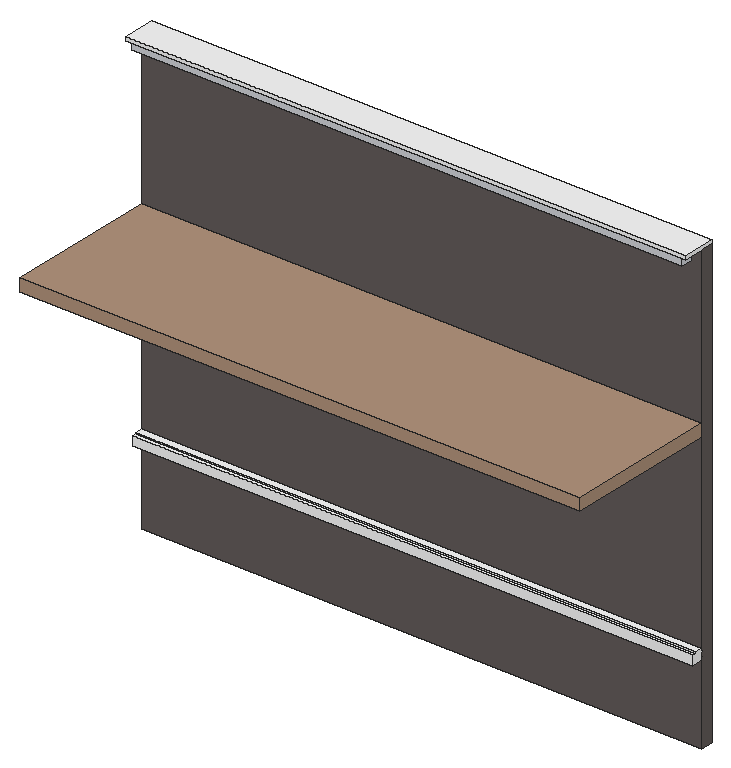
Revit family "Storage-Mounted-Teknion-B_WPL-Wall_Panel_with_Open_Shelves-R2018", category Furniture, Revit 2018
Family settings
  OmniClass Number = 23.40.70.14.64.21
  OmniClass Title = Systems Furniture
  Work Plane-Based = No
  Always vertical = Yes
  Cut with Voids When Loaded = No
  Shared = Yes
  Room Calculation Point = No
Parameters (values of type "On High Secondary Desk")
  Width [instance] = 48.000"
  Warranty = "http://www.teknion.com/ca/papers/legal-canada"
  Unit Weight URL = "http://www.teknion.com/pricing/expansion-casegoods/pdfs/wv.pdf"
  URL = "http://www.teknion.com/"
  Top and Accessory Rail Finish [instance] = Mica - Teknion - V - Satin - Very White
  Top Shelf Visibility [instance] = or(Has Top Shelf Only, Has Top Shelf & Accessory Rail, Has Two Shelves)  # yes
  Top Shelf Offset [instance] = if([Bottom of Cubic Overhead Cabinet mounted at 72"], 16.966", if([Bottom of Cubic Overhead Cabinet mounted at 66"], 14.882", 13.551"))  # 13.551"
  Tackboard Upholstery Finish [instance] = Fabric - Teknion - S613 - Saturate - Dune
  Tackboard Bottom Starting Offset [instance] = if(and(High Secondary Desk Mounting Style, not(Has Top Shelf & Accessory Rail)), 26.972", if(and([1" Thick Standard Worksurface Mounting Style], not(Has Top Shelf & Accessory Rail)), 28.823", if(and([1-3/16" Thick Standard Worksurface Mounting Style], not(Has Top Shelf & Accessory Rail)), 28.996", if(and([1-9/16" Thick Standard Worksurface Mounting Style], not(Has Top Shelf & Accessory Rail)), 29.362", if(and([Mid-Height Mounting Style], not(Has Top Shelf & Accessory Rail)), 21.000", 34.620")))))  # 34.620"
  Sustainability Data = "http://www.teknion.com/about-teknion/environment/datasheets.asp"
  Shelf Finish [instance] = Source Laminate - Teknion - 3M - Provincial Oak (Cross Grain)
  Series = "Expansion Casegoods"  # constant formula
  Product Page URL = "http://www.teknion.com/ca/products/product-details?productlineid=0053336e-8e7a-673b-a6c8-ff00004460c4"
  Product Line = "Expansion Casegoods"  # constant formula
  Product Documentation Link #7 = "http://www.teknion.com/pricing/Expansion-Casegoods/pdfs/BBAS_ppg.pdf"
  Product Documentation Link #6 = "http://www.teknion.com/pricing/Expansion-Casegoods/pdfs/BLED_ppg.pdf"
  Product Documentation Link #5 = "http://www.teknion.com/pricing/Expansion-Casegoods/pdfs/BBWAM_ppg.pdf"
  Product Documentation Link #4 = "http://www.teknion.com/pricing/Expansion-Casegoods/pdfs/BBWAE_ppg.pdf"
  Product Documentation Link #3 = "http://www.teknion.com/pricing/Expansion-Casegoods/pdfs/BBWAP_ppg.pdf"
  Product Documentation Link #2 = "http://www.teknion.com/pricing/Expansion-Casegoods/pdfs/BBWAT_ppg.pdf"
  Product Documentation Link = "http://www.teknion.com/pricing/Expansion-Casegoods/pdfs/B_WPL_ppg.pdf"
  Power/Data Visibility [instance] = if(and(not(Low Secondary Desk Mounting Style), not(Has Top Shelf & Accessory Rail), or(Has Glass Markerboard, Has Porcelain Markerboard, Has Fabric Tackboard, Has Felt Tackboard)), 1 > 2, not(No Power and Data))  # no
  Power/Data Plan View Offset [instance] = if(or([Power and Data Under Worksurface - Left], [Power and Data Over Worksurface - Left]), 15.000", if(or([Power and Data Under Worksurface - Right], [Power and Data Over Worksurface - Right]), Actual Width - 15.000", Actual Width / 2))  # 23.880"
  Power Data Height Offset [instance] = if(High Secondary Desk Mounting Style, 3.648", if([1" Thick Standard Worksurface Mounting Style], 1.797", if([1-3/16" Thick Standard Worksurface Mounting Style], 1.624", if([1-9/16" Thick Standard Worksurface Mounting Style], 1.258", if(and(Low Secondary Desk Mounting Style, or([Power and Data Over Worksurface - Center], [Power and Data Over Worksurface - Left], [Power and Data Over Worksurface - Right])), 13.195", 3.480")))))  # 3.648"
  Porcelain/Glass Markerboard Visibility [instance] = or(Has Glass Markerboard, Has Porcelain Markerboard)  # no
  Part Number = "B_WPL"  # constant formula
  Panel Finish [instance] = Veneer - Teknion - VB - Flintwood - Black Walnut
  No Power and Data [instance] = not(or([Power and Data Over Worksurface - Center], [Power and Data Over Worksurface - Left], [Power and Data Over Worksurface - Right], [Power and Data Under Worksurface - Center], [Power and Data Under Worksurface - Left], [Power and Data Under Worksurface - Right]))  # yes
  Power and Data Under Worksurface - Right [instance] = no
  Power and Data Under Worksurface - Left [instance] = no
  Power and Data Under Worksurface - Center [instance] = no
  Linear LED Light Width Type [instance] = Lighting-Teknion-BLED_Linear_LED_Light-R2018 : 48" Width
  Light Shelf Note [instance] = "Light Shelf can only be specified if the Has Top Shelf & Accessory Rail option is selected above."  # constant formula
  Light Shelf Finish = Mica - Teknion - V - Satin - Very White
  Has Two Shelves [instance] = no
  Has Top Shelf Only [instance] = no
  Has Porcelain Markerboard [instance] = no
  Has No Accessory Board [instance] = not(or(Has Glass Markerboard, Has Porcelain Markerboard, Has Fabric Tackboard, Has Felt Tackboard))  # yes
  Has Linear LED Light [instance] = yes
  Has Light Shelf [instance] = no
  Has Felt Tackboard [instance] = no
  Fabric/Felt Tackboard Visibility [instance] = or(Has Fabric Tackboard, Has Felt Tackboard)  # no
  Configurations Note [instance] = "Please choose one of the three following options below."  # constant formula
  Bottom Shelf Offset [instance] = if(or([Bottom of Standard Overhead Cabinet mounted at 72"], [Bottom of Cubic Overhead Cabinet mounted at 72"]), 30.469", 28.374")  # 28.374"
  Available Widths [instance] = if(or([1" Thick Standard Worksurface Mounting Style], [1-3/16" Thick Standard Worksurface Mounting Style], [1-9/16" Thick Standard Worksurface Mounting Style], Low Secondary Desk Mounting Style), "24, 30, 36, 42, 48, 54, 60, 66, 72, 78, or 84 inches.", "24, 30, 36, 42, 48, 54, 60, 66, 72, 78, 84, or 90 inches.")  # "24, 30, 36, 42, 48, 54, 60, 66, 72, 78, 84, or 90 inches."
  Model = "BHWPL_____"
  Mid-Height Mounting Style = no
  Manufacturer Phone = "416-661-3370"  # constant formula
  Manufacturer Fax = "416.661.4586"  # constant formula
  Manufacturer Contact Information = "http://www.teknion.com/ca/contactus"
  Manufacturer Address = "1150 Flint Road, Toronto, ON. M3J 2J5. Canada"
  Manufacturer = "Teknion"  # constant formula
  Low Secondary Desk Mounting Style = no
  High Secondary Desk Mounting Style = yes
  Has Fabric Tackboard [instance] = no
  Bottom of Standard Overhead Cabinet mounted at 72" [instance] = no
  Bottom of Standard Overhead Cabinet mounted at 66" [instance] = yes
  Power and Data Over Worksurface - Right [instance] = no
  Power and Data Over Worksurface - Left [instance] = no
  Power and Data Over Worksurface - Center [instance] = no
  Has Glass Markerboard [instance] = no
  Bottom of Cubic Overhead Cabinet mounted at 72" [instance] = no
  Bottom of Cubic Overhead Cabinet mounted at 66" [instance] = no
  Has Top Shelf & Accessory Rail [instance] = not(or(Has Top Shelf Only, Has Two Shelves))  # yes
  Glass Markerboard Finish [instance] = Back-painted Glass - K7 - Teknion - Very White
  Description = "Wall Panel with Open Shelves, High Secondary Desk"
  Datum Height Note [instance] = if(or([Mid-Height Mounting Style], High Secondary Desk Mounting Style, Low Secondary Desk Mounting Style), "Please choose one of the following optons below.", "Please choose Bottom of Standard Overhead Cabinet mounted at 66 inches or Bottom of Standard Overhead Cabinet mounted at 72 inches.")  # "Please choose one of the following optons below."
  Bottom of Wall Panel Height = if(High Secondary Desk Mounting Style, 26.972", if(Low Secondary Desk Mounting Style, 17.425", if([1" Thick Standard Worksurface Mounting Style], 28.823", if([1-3/16" Thick Standard Worksurface Mounting Style], 28.996", if([1-9/16" Thick Standard Worksurface Mounting Style], 29.362", 21.000")))))  # 26.972"
  Available Electrical Options [instance] = if(or([Mid-Height Mounting Style], Width = 24.000", Width = 30.000"), "Choose No Power and Data.", if(or(Width = 36.000", Width = 42.000"), "Choose between No Power and Data, Power and Data Under Worksurface - Center, or Power and Data Over Worksurface - Center", if(and(Low Secondary Desk Mounting Style, not(or(Width = 24.000", Width = 30.000", Width = 36.000", Width = 42.000"))), "Choose one of the following options below.", "Choose between Power and Data Over Worksurface - Center, Power and Data Over Worksurface - Left, Power and Data Over Worksurface - Right, or No Power and Data.")))  # "Choose between Power and Data Over Worksurface - Center, Power and Data Over Worksurface - Left, Power and Data Over Worksurface - Right, or No Power and Data."
  Assembly Code = "E2020200"
  Actual Width [instance] = if(Width = 24.000", 23.880", if(Width = 30.000", 29.850", if(Width = 36.000", 35.820", if(Width = 42.000", 41.790", if(Width = 48.000", 47.760", if(Width = 54.000", 53.730", if(Width = 60.000", 59.700", if(Width = 66.000", 65.670", if(Width = 72.000", 71.640", if(Width = 78.000", 77.610", 83.580"))))))))))  # 47.760"
  Actual Height [instance] = if(or([Bottom of Standard Overhead Cabinet mounted at 66"], [Bottom of Cubic Overhead Cabinet mounted at 66"]), 65.374", 71.626")  # 65.374"
  Accessories Note [instance] = if(Has Two Shelves, "Choose Has No Accessory Board.", if(and(or([Power and Data Over Worksurface - Center], [Power and Data Over Worksurface - Left], [Power and Data Over Worksurface - Right], [Power and Data Under Worksurface - Center], [Power and Data Under Worksurface - Left], [Power and Data Under Worksurface - Right]), not(Has Top Shelf & Accessory Rail)), "Choose Has No Accessory Board.", "Choose one of the following options below.."))  # "Choose one of the following options below.."
  1-9/16" Thick Standard Worksurface Mounting Style = no
  1-3/16" Thick Standard Worksurface Mounting Style = no
  1" Thick Standard Worksurface Mounting Style = no
Types (6): name | Power Data Height Offset | Available Widths | Model | Mid-Height Mounting Style | Low Secondary Desk Mounting Style | High Secondary Desk Mounting Style | Description | Datum Height Note | Bottom of Wall Panel Height | Available Electrical Options | 1-9/16" Thick Standard Worksurface Mounting Style | 1-3/16" Thick Standard Worksurface Mounting Style | 1" Thick Standard Worksurface Mounting Style
  On High Secondary Desk | 3.648" | "24, 30, 36, 42, 48, 54, 60, 66, 72, 78, 84, or 90 inches." | "BHWPL_____" | no | no | yes | "Wall Panel with Open Shelves, High Secondary Desk" | "Please choose one of the following optons below." | 26.972" | "Choose between Power and Data Over Worksurface - Center, Power and Data Over Worksurface - Left, Power and Data Over Worksurface - Right, or No Power and Data." | no | no | no
  On Low Secondary Desk | 3.480" | "24, 30, 36, 42, 48, 54, 60, 66, 72, 78, or 84 inches." | "BLWPL_____" | no | yes | no | "Wall Panel with Open Shelves, Low Secondary Desk" | "Please choose one of the following optons below." | 17.425" | "Choose one of the following options below." | no | no | no
  On 1" Thick Standard Worksurface | 1.797" | "24, 30, 36, 42, 48, 54, 60, 66, 72, 78, or 84 inches." | "BDWPL_____" | no | no | no | "Wall Panel with Open Shelves, On 1\" Thick Standard Worksurface" | "Please choose Bottom of Standard Overhead Cabinet mounted at 66 inches or Bottom of Standard Overhead Cabinet mounted at 72 inches." | 28.823" | "Choose between Power and Data Over Worksurface - Center, Power and Data Over Worksurface - Left, Power and Data Over Worksurface - Right, or No Power and Data." | no | no | yes
  On 1-3/16" Thick Standard Worksurface | 1.624" | "24, 30, 36, 42, 48, 54, 60, 66, 72, 78, or 84 inches." | "BMWPL_____" | no | no | no | "Wall Panel with Open Shelves, On 1-3/16\" Thick Standard Worksurface" | "Please choose Bottom of Standard Overhead Cabinet mounted at 66 inches or Bottom of Standard Overhead Cabinet mounted at 72 inches." | 28.996" | "Choose between Power and Data Over Worksurface - Center, Power and Data Over Worksurface - Left, Power and Data Over Worksurface - Right, or No Power and Data." | no | yes | no
  On 1-9/16" Thick Standard Worksurface | 1.258" | "24, 30, 36, 42, 48, 54, 60, 66, 72, 78, or 84 inches." | "BXWPL_____" | no | no | no | "Wall Panel with Open Shelves, On 1-9/16\" Thick Standard Worksurface" | "Please choose Bottom of Standard Overhead Cabinet mounted at 66 inches or Bottom of Standard Overhead Cabinet mounted at 72 inches." | 29.362" | "Choose between Power and Data Over Worksurface - Center, Power and Data Over Worksurface - Left, Power and Data Over Worksurface - Right, or No Power and Data." | yes | no | no
  Mid-Height Mounting Style | 3.480" | "24, 30, 36, 42, 48, 54, 60, 66, 72, 78, 84, or 90 inches." | "BKWPL_____" | yes | no | no | "Wall Panel with Open Shelves, Mid-Height Mounting Style" | "Please choose one of the following optons below." | 21.000" | "Choose No Power and Data." | no | no | no
Reference planes (in)
  plane 1 "Center F/B": y = 0
  plane 2 "Bottom of Panel": z = 26.972
  plane 3 "Center L/R": x = 0
  plane 4 "Left": x = -23.88
  plane 5 "Right": x = 23.88
  plane 6 "Back": y = 0.5
  plane 7 "Front": y = -0.5
  plane 8 "Top": z = 65.374
  plane 9: z = 0
  plane 10 "Accessory Rail Ref Plane": z = 34.38
  plane 11: y = -0.98071
  plane 12 "Power/Data Offset": x = 0
  plane 13 "Power/Data Height Offset": z = 30.62
  plane 14 "Top Shelf Plane": z = 51.823
  plane 15 "Bottom Shelf Plane": z = 37
Forms (in)
  Sweep 1, solid, material "Veneer - Teknion - VB - Flintwood - Black Walnut" <- "Panel Finish"
    path origin (0, 0, 0) x (1, 0, 0) y (0, 1, 0)
      loop
        line (-23.88, 0) -> (23.88, 0)
    profile origin (0, 0, 0) x (0, 1, 0) y (0, 0, 1)
      loop
        line (0.5, 65.05904) -> (-0.5, 65.05904) -> (-0.5, 26.972) -> (0.5, 26.972) -> (0.5, 65.05904)
  Sweep 2, solid, material "Mica - Teknion - V - Satin - Very White" <- "Top and Accessory Rail Finish"
    path origin (0, 0, 0) x (1, 0, 0) y (0, 1, 0)
      loop
        line (-23.88, 0) -> (23.88, 0)
    profile origin (0, 0, 0) x (0, 1, 0) y (0, 0, 1)
      loop
        line (0.5, 65.374) -> (-2.2874, 65.374) -> (-2.2874, 65.05904) -> (0.5, 65.05904) -> (0.5, 65.374)
  Sweep 3, solid, material "Mica - Teknion - V - Satin - Very White" <- "Top and Accessory Rail Finish", visible <- "Has Top Shelf & Accessory Rail"
    path origin (0, 0, -37.58062) x (1, 0, 0) y (0, 1, 0)
      loop
        line (-23.88, 0) -> (23.88, 0)
    profile origin (0, 0, -37.58062) x (0, 1, 0) y (0, 0, 1)
      loop
        line (-0.5, 72.19685) -> (-1.18504, 72.19685) -> (-1.18504, 72.09842) -> (-1.46063, 72.09842) -> (-1.46063, 71.2874) -> (-0.5, 71.2874) -> (-0.5, 72.19685)
  Sweep 4, solid, material "Mica - Teknion - V - Satin - Very White", visible <- "Power/Data Visibility"
    path origin (0, 0, -27.56363) x (1, 0, 0) y (0, 1, 0)
      loop
        line (-7.48031, 0) -> (7.48031, 0)
    profile origin (0, 0, -27.56363) x (0, 1, 0) y (0, 0, 1)
      loop
        line (-0.7126, 60.8608) -> (-0.7126, 58.18363) -> (-0.5, 58.18363) -> (-0.5, 60.8608) -> (-0.7126, 60.8608)
  Sweep 5, solid, material "Fabric - Teknion - S613 - Saturate - Dune" <- "Tackboard Upholstery Finish", visible <- "Fabric/Felt Tackboard Visibility"
    path origin (0, 0, -16.37402) x (1, 0, 0) y (0, 1, 0)
      loop
        line (-23.88, 0) -> (23.88, 0)
    profile origin (0, 0, -16.37402) x (0, 1, 0) y (0, 0, 1)
      loop
        line (-1.18504, 50.99402) -> (-0.5, 50.99402) -> (-0.5, 67.18107) -> (-1.18504, 67.18107) -> (-1.18504, 50.99402)
  Extrusion 6, solid, material "Plastic - Teknion - E - Ebony", visible <- "Power/Data Visibility"
    sketch origin (0, -0.5, -0.18961) x (1, 0, 0) y (0, 0, 1)
      loop
        line (-3.62205, 32.93944) -> (-6.92913, 32.93944) -> (-6.92913, 31.36464) -> (-3.62205, 31.36464) -> (-3.62205, 32.93944)
    from 0.2126 to 0.64961
  Extrusion 7, solid, material "Plastic - Teknion - E - Ebony", visible <- "Power/Data Visibility"
    sketch origin (10.5, -0.5, -0.18961) x (1, 0, 0) y (0, 0, 1)
      loop
        line (-4.88976, 32.67969) -> (-4.88976, 31.6167) -> (-3.82677, 31.6167) -> (-3.82677, 32.67969) -> (-4.88976, 32.67969)
      loop
        line (-3.95276, 32.3982) -> (-3.95276, 32.49269) -> (-4.26772, 32.49269) -> (-4.26772, 32.3982) -> (-3.95276, 32.3982)
      loop
        arc (-4.54331, 32.05371) -> (-4.44882, 32.1482) -> (-4.54331, 32.24269) r 0.09449
        line (-4.54331, 32.24269) -> (-4.70079, 32.24269) -> (-4.70079, 32.05371) -> (-4.54331, 32.05371)
      loop
        line (-4.26772, 31.8982) -> (-4.26772, 31.80371) -> (-3.95276, 31.80371) -> (-3.95276, 31.8982) -> (-4.26772, 31.8982)
    from 0.2126 to 0.29291
  Extrusion 8, solid, material "Plastic - Teknion - E - Ebony", visible <- "Power/Data Visibility"
    sketch origin (9.24016, -0.5, -0.18961) x (1, 0, 0) y (0, 0, 1)
      loop
        line (-4.88976, 32.67969) -> (-4.88976, 31.6167) -> (-3.82677, 31.6167) -> (-3.82677, 32.67969) -> (-4.88976, 32.67969)
      loop
        line (-3.95276, 32.3982) -> (-3.95276, 32.49269) -> (-4.26772, 32.49269) -> (-4.26772, 32.3982) -> (-3.95276, 32.3982)
      loop
        arc (-4.54331, 32.05371) -> (-4.44882, 32.1482) -> (-4.54331, 32.24269) r 0.09449
        line (-4.54331, 32.24269) -> (-4.70079, 32.24269) -> (-4.70079, 32.05371) -> (-4.54331, 32.05371)
      loop
        line (-4.26772, 31.8982) -> (-4.26772, 31.80371) -> (-3.95276, 31.80371) -> (-3.95276, 31.8982) -> (-4.26772, 31.8982)
    from 0.2126 to 0.29291
  Extrusion 9, solid, material "Plastic - Teknion - E - Ebony", visible <- "Power/Data Visibility"
    sketch origin (7.98031, -0.5, -0.18961) x (1, 0, 0) y (0, 0, 1)
      loop
        line (-4.88976, 32.67969) -> (-4.88976, 31.6167) -> (-3.82677, 31.6167) -> (-3.82677, 32.67969) -> (-4.88976, 32.67969)
      loop
        line (-3.95276, 32.3982) -> (-3.95276, 32.49269) -> (-4.26772, 32.49269) -> (-4.26772, 32.3982) -> (-3.95276, 32.3982)
      loop
        arc (-4.54331, 32.05371) -> (-4.44882, 32.1482) -> (-4.54331, 32.24269) r 0.09449
        line (-4.54331, 32.24269) -> (-4.70079, 32.24269) -> (-4.70079, 32.05371) -> (-4.54331, 32.05371)
      loop
        line (-4.26772, 31.8982) -> (-4.26772, 31.80371) -> (-3.95276, 31.80371) -> (-3.95276, 31.8982) -> (-4.26772, 31.8982)
    from 0.2126 to 0.29291
  Extrusion 10, solid, material "Plastic - Teknion - E - Ebony", visible <- "Power/Data Visibility"
    sketch origin (6.72047, -0.5, -0.18961) x (1, 0, 0) y (0, 0, 1)
      loop
        line (-4.88976, 32.67969) -> (-4.88976, 31.6167) -> (-3.82677, 31.6167) -> (-3.82677, 32.67969) -> (-4.88976, 32.67969)
      loop
        line (-3.95276, 32.3982) -> (-3.95276, 32.49269) -> (-4.26772, 32.49269) -> (-4.26772, 32.3982) -> (-3.95276, 32.3982)
      loop
        arc (-4.54331, 32.05371) -> (-4.44882, 32.1482) -> (-4.54331, 32.24269) r 0.09449
        line (-4.54331, 32.24269) -> (-4.70079, 32.24269) -> (-4.70079, 32.05371) -> (-4.54331, 32.05371)
      loop
        line (-4.26772, 31.8982) -> (-4.26772, 31.80371) -> (-3.95276, 31.80371) -> (-3.95276, 31.8982) -> (-4.26772, 31.8982)
    from 0.2126 to 0.29291
  Extrusion 11, solid, material "Plastic - Teknion - E - Ebony", visible <- "Power/Data Visibility"
    sketch origin (4.25, -0.5, -0.18961) x (1, 0, 0) y (0, 0, 1)
      loop
        circle (-5.14568, 32.14822) r 0.1516
    from 0.2126 to 0.46457
  Sweep 12, solid, material "Glass - Teknion - A5 - Standard - Clear", visible <- "Porcelain/Glass Markerboard Visibility"
    path origin (0, 0, 0) x (1, 0, 0) y (0, 1, 0)
      loop
        line (-23.88, 0) -> (23.88, 0)
    profile origin (0, 0, 0) x (0, 1, 0) y (0, 0, 1)
      loop
        line (-1.18504, 34.62) -> (-0.98071, 34.62) -> (-0.98071, 50.80706) -> (-1.18504, 50.80706) -> (-1.18504, 34.62)
  Sweep 13, solid, material "Back-painted Glass - K7 - Teknion - Very White" <- "Glass Markerboard Finish", visible <- "Porcelain/Glass Markerboard Visibility"
    path origin (0, 0, 0) x (1, 0, 0) y (0, 1, 0)
      loop
        line (-23.88, 0) -> (23.88, 0)
    profile origin (0, 0, 0) x (0, 1, 0) y (0, 0, 1)
      loop
        line (-0.98071, 34.62) -> (-0.5, 34.62) -> (-0.5, 50.80706) -> (-0.98071, 50.80706) -> (-0.98071, 34.62)
  Sweep 14, solid, material "Source Laminate - Teknion - 3M - Provincial Oak (Cross Grain)" <- "Shelf Finish", visible <- "Top Shelf Visibility"
    path origin (0, 0, 0) x (1, 0, 0) y (0, 1, 0)
      loop
        line (0, -13.51575) -> (0, -0.5)
    profile origin (0, -7.00787, 0) x (-1, 0, 0) y (0, 0, 1)
      loop
        line (23.88, 51.823) -> (-23.88, 51.823) -> (-23.88, 50.80706) -> (23.88, 50.80706) -> (23.88, 51.823)
  Sweep 15, solid, material "Source Laminate - Teknion - 3M - Provincial Oak (Cross Grain)" <- "Shelf Finish", visible <- "Has Two Shelves"
    path origin (0, 0, -16.91752) x (1, 0, 0) y (0, 1, 0)
      loop
        line (0, -13.51575) -> (0, -0.5)
    profile origin (0, -7.00787, -16.91752) x (-1, 0, 0) y (0, 0, 1)
      loop
        line (23.88, 53.91752) -> (-23.88, 53.91752) -> (-23.88, 52.90157) -> (23.88, 52.90157) -> (23.88, 53.91752)
  Extrusion 16, solid, material "Mica - Teknion - V - Satin - Very White" <- "Light Shelf Finish", visible <- "Has Light Shelf"
    sketch origin (-17.91, 0, -20.33308) x (0, 1, 0) y (0, 0, 1)
      loop
        line (-5.83071, 54.92869) -> (-5.83071, 54.69247) -> (-1.46496, 54.69247) -> (-1.46496, 54.85388) -> (-1.18504, 54.85388) -> (-1.18504, 54.92869) -> (-5.83071, 54.92869)
    from -5.97 to 41.79
Lines and regions (in)
  Masking region 1
    outline origin (0, 0, 0) x (1, 0, 0) y (0, 1, 0)
      loop
        line (-23.88, 0.5) -> (-23.88, -2.2874) -> (23.88, -2.2874) -> (23.88, 0.5) -> (-23.88, 0.5)
  Masking region 2
    outline origin (0, 0, 0) x (1, 0, 0) y (0, 1, 0)
      loop
        line (-23.88, -2.2874) -> (-23.88, -13.51575) -> (23.88, -13.51575) -> (23.88, -2.2874) -> (-23.88, -2.2874)
  Masking region 3, visible <- "Has Light Shelf"
    outline origin (0, 0, 0) x (1, 0, 0) y (0, 1, 0)
      loop
        line (-23.88, -2.2874) -> (-23.88, -5.83071) -> (23.88, -5.83071) -> (23.88, -2.2874) -> (-23.88, -2.2874)
  symbolic lines, style "Hidden Lines", detail levels medium+fine
    curve 1: line (-23.88, -0.5, 0) -> (23.88, -0.5, 0)
  symbolic lines, style "Hidden Lines", detail levels fine
    curve 2: line (-23.88, -1.18504, 0) -> (23.88, -1.18504, 0)
  symbolic lines, style "Hidden Lines", visible <- "Power/Data Visibility", detail levels fine
    curve 3: line (-7.48031, -0.7126, 0) -> (7.48031, -0.7126, 0)
    curve 4: line (7.48031, -0.7126, 0) -> (7.48031, -0.5, 0)
    curve 5: line (7.48031, -0.5, 0) -> (-7.48031, -0.5, 0)
    curve 6: line (-7.48031, -0.5, 0) -> (-7.48031, -0.7126, 0)
    curve 7: line (1.83071, -0.7126, 0) -> (1.83071, -0.79291, 0)
    curve 8: line (1.83071, -0.79291, 0) -> (2.8937, -0.79291, 0)
    curve 9: line (2.8937, -0.79291, 0) -> (2.8937, -0.7126, 0)
    curve 10: line (3.09055, -0.7126, 0) -> (3.09055, -0.79291, 0)
    curve 11: line (3.09055, -0.79291, 0) -> (4.15354, -0.79291, 0)
    curve 12: line (4.35039, -0.79291, 0) -> (5.41339, -0.79291, 0)
    curve 13: line (5.61024, -0.79291, 0) -> (6.67323, -0.79291, 0)
    curve 14: line (6.67323, -0.79291, 0) -> (6.67323, -0.7126, 0)
    curve 15: line (-3.62205, -1.14961, 0) -> (-3.62205, -0.7126, 0)
    curve 16: line (-6.92913, -1.14961, 0) -> (-3.62205, -1.14961, 0)
    curve 17: line (-6.92913, -0.7126, 0) -> (-6.92913, -1.14961, 0)
  reference lines, not visible
    curve 18: line (23.88, -0.5, 0) -> (-23.88, -0.5, 0)
    curve 19: line (-23.88, 0.5, 0) -> (-23.88, -0.5, 0)
    curve 20: line (-23.88, 0.5, 0) -> (23.88, 0.5, 0)
    curve 21: line (23.88, 0.5, 0) -> (23.88, -0.5, 0)
Dimensions and locks (in)
  equal spacing: plane 4 "Left", plane 3 "Center L/R", plane 5 "Right"
  equal spacing: plane 6 "Back", plane 1 "Center F/B", plane 7 "Front"
  locked: plane 6 "Back" to plane 7 "Front" at 1
  locked: plane 8 "Top" to Sweep 2 sketch curve at 0.31496
  locked: plane 6 "Back" to Sweep 2 sketch curve at 2.7874
  locked: plane 8 "Top" to Sweep 1 sketch curve at 0.31496
  "Actual Width": plane 4 "Left" to plane 5 "Right"
  locked: plane 7 "Front" to Sweep 3 sketch curve at 0.96063
  Sweep 4 sketch curve to Sweep 4 sketch curve to plane 13 "Power/Data Height Offset" = 2.67717" locked, 0.000" locked
  locked: plane 7 "Front" to Sweep 5 sketch curve at 0.68504
  Sweep 3 sketch curve to Sweep 3 sketch curve to plane 10 "Accessory Rail Ref Plane" to Sweep 3 sketch curve = 0.09843" locked, 0.1378" locked, 0.67322" locked
  "Bottom of Wall Panel Height": plane 2 "Bottom of Panel" to plane 9
  "Actual Height": plane 8 "Top" to plane 9
  locked: plane 10 "Accessory Rail Ref Plane" to level at 34.38
  plane 12 "Power/Data Offset" to Extrusion 6 sketch curve to Extrusion 6 sketch curve = 3.62205" locked, 3.30709" locked
  Extrusion 6 sketch curve to Extrusion 6 sketch curve to plane 13 "Power/Data Height Offset" = 1.5748" locked, 0.55502" locked
  Extrusion 7 sketch curve to Extrusion 7 sketch curve to plane 12 "Power/Data Offset" = 1.06299" locked, 5.61024" locked
  Extrusion 7 sketch curve to Extrusion 7 sketch curve to plane 13 "Power/Data Height Offset" = 1.06299" locked, 0.80709" locked
  Extrusion 7 sketch curve to Extrusion 7 sketch curve to Extrusion 7 sketch curve to Extrusion 7 sketch curve to Extrusion 7 sketch curve to Extrusion 7 sketch curve to Extrusion 7 sketch curve = 0.12598" locked, 0.000" locked, 0.31496" locked, 0.000" locked, 0.27559" locked, 0.15748" locked
  Extrusion 7 sketch curve to Extrusion 7 sketch curve to Extrusion 7 sketch curve to Extrusion 7 sketch curve to Extrusion 7 sketch curve to Extrusion 7 sketch curve to Extrusion 7 sketch curve to Extrusion 7 sketch curve = 0.18701" locked, 0.09449" locked, 0.15551" locked, 0.09449" locked, 0.09449" locked, 0.15551" locked, 0.09449" locked
  Extrusion 8 sketch curve to Extrusion 8 sketch curve to plane 12 "Power/Data Offset" = 1.06299" locked, 4.35039" locked
  Extrusion 8 sketch curve to Extrusion 8 sketch curve to plane 13 "Power/Data Height Offset" = 1.06299" locked, 0.80709" locked
  Extrusion 8 sketch curve to Extrusion 8 sketch curve to Extrusion 8 sketch curve to Extrusion 8 sketch curve to Extrusion 8 sketch curve to Extrusion 8 sketch curve to Extrusion 8 sketch curve = 0.12598" locked, 0.000" locked, 0.31496" locked, 0.000" locked, 0.27559" locked, 0.15748" locked
  Extrusion 8 sketch curve to Extrusion 8 sketch curve to Extrusion 8 sketch curve to Extrusion 8 sketch curve to Extrusion 8 sketch curve to Extrusion 8 sketch curve to Extrusion 8 sketch curve to Extrusion 8 sketch curve = 0.18701" locked, 0.09449" locked, 0.15551" locked, 0.09449" locked, 0.09449" locked, 0.15551" locked, 0.09449" locked
  Extrusion 9 sketch curve to Extrusion 9 sketch curve to plane 12 "Power/Data Offset" = 1.06299" locked, 3.09055" locked
  Extrusion 9 sketch curve to Extrusion 9 sketch curve to plane 13 "Power/Data Height Offset" = 1.06299" locked, 0.80709" locked
  Extrusion 9 sketch curve to Extrusion 9 sketch curve to Extrusion 9 sketch curve to Extrusion 9 sketch curve to Extrusion 9 sketch curve to Extrusion 9 sketch curve to Extrusion 9 sketch curve = 0.12598" locked, 0.000" locked, 0.31496" locked, 0.000" locked, 0.27559" locked, 0.15748" locked
  Extrusion 9 sketch curve to Extrusion 9 sketch curve to Extrusion 9 sketch curve to Extrusion 9 sketch curve to Extrusion 9 sketch curve to Extrusion 9 sketch curve to Extrusion 9 sketch curve to Extrusion 9 sketch curve = 0.18701" locked, 0.09449" locked, 0.15551" locked, 0.09449" locked, 0.09449" locked, 0.15551" locked, 0.09449" locked
  Extrusion 10 sketch curve to Extrusion 10 sketch curve to plane 12 "Power/Data Offset" = 1.06299" locked, 1.83071" locked
  Extrusion 10 sketch curve to Extrusion 10 sketch curve to plane 13 "Power/Data Height Offset" = 1.06299" locked, 0.80709" locked
  Extrusion 10 sketch curve to Extrusion 10 sketch curve to Extrusion 10 sketch curve to Extrusion 10 sketch curve to Extrusion 10 sketch curve to Extrusion 10 sketch curve to Extrusion 10 sketch curve = 0.12598" locked, 0.000" locked, 0.31496" locked, 0.000" locked, 0.27559" locked, 0.15748" locked
  Extrusion 10 sketch curve to Extrusion 10 sketch curve to Extrusion 10 sketch curve to Extrusion 10 sketch curve to Extrusion 10 sketch curve to Extrusion 10 sketch curve to Extrusion 10 sketch curve to Extrusion 10 sketch curve = 0.18701" locked, 0.09449" locked, 0.15551" locked, 0.09449" locked, 0.09449" locked, 0.15551" locked, 0.09449" locked
  locked: Extrusion 6 to plane 7 "Front" at 0.64961
  Extrusion 10 to Extrusion 9 to Extrusion 8 to Extrusion 7 to plane 7 "Front" = 0.000" locked, 0.000" locked, 0.000" locked, 0.29291" locked
  locked: plane 12 "Power/Data Offset" to Extrusion 11 sketch curve at 0.89568
  locked: Extrusion 11 sketch curve to plane 13 "Power/Data Height Offset" at 1.33861
  locked: Extrusion 11 to plane 7 "Front" at 0.46457
  "Tackboard Bottom Starting Offset": Sweep 5 sketch curve to level
  "Tackboard Bottom Starting Offset": Sweep 12 sketch curve to level
  locked: plane 1 "Center F/B" to plane 11 at 0.98071
  locked: plane 11 to Sweep 12 sketch curve at 0.20433
  "Tackboard Bottom Starting Offset": Sweep 13 sketch curve to level
  "Power/Data Plan View Offset": plane 4 "Left" to plane 12 "Power/Data Offset"
  Sweep 4 sketch curve to plane 12 "Power/Data Offset" to Sweep 4 sketch curve = 7.48031" locked, 7.48031" locked
  "Power Data Height Offset": plane 2 "Bottom of Panel" to plane 13 "Power/Data Height Offset"
  locked: Sweep 14 sketch curve to plane 1 "Center F/B" at 0.5
  locked: Sweep 5 to Sweep 14 sketch curve at 13.01575
  "Top Shelf Offset": plane 8 "Top" to plane 14 "Top Shelf Plane"
  locked: plane 14 "Top Shelf Plane" to Sweep 14 sketch curve at 1.01594
  locked: plane 15 "Bottom Shelf Plane" to Sweep 15 sketch curve at 1.01594
  "Bottom Shelf Offset": plane 8 "Top" to plane 15 "Bottom Shelf Plane"
  locked: plane 14 "Top Shelf Plane" to Sweep 5 sketch curve at 1.01594
  locked: Sweep 13 sketch curve to plane 14 "Top Shelf Plane" at 1.01594
  locked: Sweep 12 sketch curve to plane 14 "Top Shelf Plane" at 1.01594
  locked: Sweep 15 sketch curve to plane 7 "Front" at 13.01575
  plane 11 to Extrusion 16 sketch curve to Extrusion 16 sketch curve to Extrusion 16 sketch curve = 0.20433" locked, 0.27992" locked, 4.36575" locked
  Extrusion 16 sketch curve to plane 10 "Accessory Rail Ref Plane" to Extrusion 16 sketch curve to Extrusion 16 sketch curve = 0.02062" locked, 0.1408" locked, 0.0748" locked
  aligned and locked: plane 5 "Right" to Sweep 1 sketch curve
  aligned and locked: plane 4 "Left" to Sweep 1 sketch curve
  aligned and locked: Sweep 1 sketch curve to plane 1 "Center F/B"
  aligned and locked: Sweep 1 sketch curve to plane 6 "Back"
  aligned and locked: Sweep 1 sketch curve to plane 7 "Front"
  aligned and locked: plane 2 "Bottom of Panel" to Sweep 1 sketch curve
  aligned and locked: Sweep 2 sketch curve to plane 6 "Back"
  aligned and locked: Sweep 2 sketch curve to plane 8 "Top"
  aligned and locked: Masking region 1 sketch curve to plane 6 "Back"
  aligned and locked: Masking region 1 sketch curve to plane 4 "Left"
  aligned and locked: Masking region 1 sketch curve to Sweep 2
  aligned and locked: Masking region 1 sketch curve to plane 5 "Right"
  aligned and locked: curve 1 to Sweep 1
  aligned and locked: Sweep 3 sketch curve to plane 7 "Front"
  aligned and locked: Sweep 4 sketch curve to plane 7 "Front"
  aligned and locked: plane 1 "Center F/B" to Sweep 4 sketch curve
  aligned and locked: Sweep 3 sketch curve to plane 1 "Center F/B"
  aligned and locked: plane 4 "Left" to Sweep 3 sketch curve
  aligned and locked: plane 5 "Right" to Sweep 3 sketch curve
  aligned and locked: plane 7 "Front" to Sweep 5 sketch curve
  aligned and locked: Sweep 5 sketch curve to plane 1 "Center F/B"
  aligned and locked: plane 5 "Right" to Sweep 5 sketch curve
  aligned and locked: plane 4 "Left" to Sweep 5 sketch curve
  aligned and locked: plane 4 "Left" to Sweep 2 sketch curve
  aligned and locked: plane 5 "Right" to Sweep 2 sketch curve
  aligned and locked: Sweep 2 sketch curve to plane 1 "Center F/B"
  aligned and locked: Extrusion 6 to Sweep 4
  aligned and locked: Extrusion 11 to Sweep 4
  aligned and locked: Extrusion 7 to Sweep 4
  aligned and locked: Extrusion 8 to Sweep 4
  aligned and locked: Extrusion 9 to Sweep 4
  aligned and locked: Extrusion 10 to Sweep 4
  aligned and locked: Sweep 5 to Sweep 4
  aligned and locked: plane 5 "Right" to Sweep 12 sketch curve
  aligned and locked: plane 4 "Left" to Sweep 12 sketch curve
  aligned and locked: Sweep 12 sketch curve to plane 11
  aligned and locked: plane 7 "Front" to Sweep 13 sketch curve
  aligned and locked: plane 11 to Sweep 13 sketch curve
  aligned and locked: plane 4 "Left" to Masking region 2 sketch curve
  aligned and locked: plane 5 "Right" to Masking region 2 sketch curve
  aligned and locked: Masking region 2 sketch curve to Sweep 2
  aligned and locked: curve 2 to Sweep 12
  aligned and locked: curve 3 to Sweep 4
  aligned and locked: curve 4 to Sweep 4
  aligned and locked: curve 5 to Sweep 4
  aligned and locked: curve 6 to Sweep 4
  aligned and locked: curve 7 to Extrusion 10
  aligned and locked: curve 8 to Extrusion 10
  aligned and locked: curve 9 to Extrusion 10
  aligned and locked: curve 10 to Extrusion 9
  aligned and locked: curve 11 to Extrusion 9
  aligned and locked: curve 12 to Extrusion 8
  aligned and locked: curve 13 to Extrusion 7
  aligned and locked: curve 14 to Extrusion 7
  aligned and locked: curve 19 to plane 4 "Left"
  aligned and locked: curve 20 to plane 6 "Back"
  aligned and locked: curve 21 to plane 5 "Right"
  aligned and locked: curve 18 to plane 7 "Front"
  aligned and locked: Sweep 12 to nested 1
  aligned and locked: nested 1 to plane 3 "Center L/R"
  aligned and locked: nested 1 to Sweep 2
  aligned and locked: Sweep 14 sketch curve to plane 5 "Right"
  aligned and locked: plane 4 "Left" to Sweep 14 sketch curve
  aligned and locked: Sweep 15 sketch curve to plane 15 "Bottom Shelf Plane"
  aligned and locked: Sweep 15 sketch curve to plane 4 "Left"
  aligned and locked: plane 5 "Right" to Sweep 15 sketch curve
  aligned and locked: Sweep 14 sketch curve to plane 14 "Top Shelf Plane"
  aligned and locked: plane 7 "Front" to Sweep 15 sketch curve
  aligned and locked: Masking region 2 sketch curve to Sweep 14
  aligned and locked: Extrusion 16 to Sweep 5
  aligned and locked: Extrusion 16 to plane 5 "Right"
  aligned and locked: plane 4 "Left" to Extrusion 16
Automatic sketch dimensions
  curve 2 to plane 4 "Left" = 0.000"
  curve 1 to plane 4 "Left" = 0.000"
  curve 1 to plane 5 "Right" = 0.000"
  curve 2 to plane 5 "Right" = 0.000"
  curve 16 to plane 11 = 0.1689"
  curve 3 to curve 16 = 0.55118"
  curve 16 to curve 16 = 3.30709"
  curve 10 to curve 11 = 1.06299"
  curve 11 to curve 12 = 0.19685"
  curve 12 to curve 12 = 1.06299"
  curve 12 to curve 13 = 0.19685"
  Sweep 3 sketch curve to Sweep 3 sketch curve = 0.27559"
  Sweep 4 sketch curve to Sweep 4 sketch curve = 0.2126"
  plane 1 "Center F/B" to Sweep 12 sketch curve = 0.000"
  Sweep 13 sketch curve to plane 1 "Center F/B" = 0.000"
  Sweep 13 sketch curve to plane 4 "Left" = 0.000"
  Sweep 13 sketch curve to plane 5 "Right" = 0.000"
  Sweep 14 sketch curve to plane 3 "Center L/R" = 0.000"
  Sweep 15 sketch curve to plane 3 "Center L/R" = 0.000"
  profile plane to Sweep 5 sketch curve = 0.500"
  Masking region 3 sketch curve to plane 4 "Left" = 0.000"
  Masking region 3 sketch curve to plane 5 "Right" = 0.000"
  Masking region 3 sketch curve to plane 11 = 1.30669"
  Masking region 3 sketch curve to Masking region 3 sketch curve = 3.54331"
  radius of Extrusion 11 sketch curve = 0.1516"
Nested families (in)
  nested 1: "Lighting-Teknion-BLED_Linear_LED_Light-R2018" at (0, -1.65748, -0.31496), visible <- "Has Linear LED Light", type <- "Linear LED Light Width Type", Height <- "Actual Height", type "48" Width"
    with Height 65.374"
Definition of nested family "Lighting-Teknion-BLED_Linear_LED_Light-R2018"
  Parameters (values of type "48" Width")
    Width = 46.953"
    Wattage = 12.1178 W
    Warranty = "http://www.teknion.com/ca/papers/legal-canada"
    built-in parameter 1150110 = 1 (stored number, unit not read)
    URL = "www.teknion.com"
    built-in parameter 1114217 = 1 (stored number, unit not read)
    built-in parameter 1150109 = 1 (stored number, unit not read)
    built-in parameter 1150134 = (empty or 0)
    built-in parameter 1150113 = 1 (stored number, unit not read)
    Series = "Expansion Casegoods"  # constant formula
    Product Page URL = "https://www.teknion.com/ca/products/product-details?productLineId=0053336e-8e7a-673b-a6c8-ff00004460c4"
    Product Line = "Expansion Casegoods"  # constant formula
    Product Documentation Link = "https://www.teknion.com/pricing/expansion-casegoods/pdfs/BLED_ppg.pdf"
    Part Number = "BLED"  # constant formula
    Model = "BLED48"
    Manufacturer Phone = "416-661-3370"  # constant formula
    Manufacturer Fax = "416.661.4586"  # constant formula
    Manufacturer Contact Information = "http://www.teknion.com/ca/contactus"
    Manufacturer Address = "1150 Flint Road, Toronto, ON. M3J 2J5. Canada"  # constant formula
    Manufacturer = "Teknion"  # constant formula
    Lumens = 1800 lm
    built-in parameter 1150115 = 1 (stored number, unit not read)
    built-in parameter 1150105 = 572.96 (stored number, unit not read)
    Light Source Symbol Size = 24.000"
    built-in parameter 1150137 = (empty or 0)
    built-in parameter 1150139 = (empty or 0)
    built-in parameter 1150112 = 1 (stored number, unit not read)
    built-in parameter 1150114 = 1 (stored number, unit not read)
    built-in parameter 1150132 = 2
    built-in parameter 1150102 = (empty or 0)
    built-in parameter 1150138 = (empty or 0)
    built-in parameter 1150107 = 3000 (stored number, unit not read)
    built-in parameter 1150106 = 5.7296 (stored number, unit not read)
    Height [instance] = 54.000"
    Emit from Line Length = 46.000"
    built-in parameter 1150104 = 13.8 (stored number, unit not read)
    Dimming Lamp Color Temperature Shift = (empty or 0)
    Description = "Linear LED Light, 48\" Width"
    Color Filter = 16777215
    built-in parameter 1114218 = 1 (stored number, unit not read)
    built-in parameter 1150133 = 10 (stored number, unit not read)
  Types (4): name | Width | Model | Height | Emit from Line Length | Description
    (no name) | 46.953" | "BLED48" | 54.000" | 46.000" | "Linear LED Light, 48\" Width"
    24" Width | 22.953" | "BLED24" | 36.000" | 24.000" | "Linear LED Light, 24\" Width"
    36" Width | 34.953" | "BLED36" | 36.000" | 34.000" | "Linear LED Light, 36\" Width"
    48" Width | 46.953" | "BLED48" | 54.000" | 46.000" | "Linear LED Light, 48\" Width"
  Reference planes (in)
    plane 1 "Light Source Axis (F/B)": y = 0
    plane 2: z = 0
    plane 3 "Light Source Axis (L/R)": x = 0
    plane 4 "Light Source Elevation": z = 53.33465
    plane 5: z = 54
  Forms (in)
    Sweep 1, solid
      path origin (0, 0, 0) x (1, 0, 0) y (0, 1, 0)
        loop
          line (-23.4765, 0) -> (23.4765, 0)
      profile origin (0, 0, 0) x (0, 1, 0) y (0, 0, 1)
        loop
          line (0.47244, 54) -> (-0.47244, 54) -> (-0.47244, 53.33465) -> (0.47244, 53.33465) -> (0.47244, 54)
  Lines and regions (in)
    symbolic lines, detail levels medium+fine
      curve 1: line (-23.4765, 0.47244, 53.33465) -> (23.4765, 0.47244, 53.33465)
      curve 2: line (-23.4765, -0.47244, 53.33465) -> (-23.4765, 0.47244, 53.33465)
      curve 3: line (23.4765, -0.47244, 53.33465) -> (-23.4765, -0.47244, 53.33465)
      curve 4: line (23.4765, 0.47244, 53.33465) -> (23.4765, -0.47244, 53.33465)
  Dimensions and locks (in)
    "Height": plane 5 to level
    equal spacing: Sweep 1 sketch curve, plane 3 "Light Source Axis (L/R)", Sweep 1 sketch curve
    "Width": Sweep 1 sketch curve to Sweep 1 sketch curve
    Sweep 1 sketch curve to plane 4 "Light Source Elevation" to Sweep 1 sketch curve = 0.000" locked, 0.66535" locked
    Sweep 1 sketch curve to plane 1 "Light Source Axis (F/B)" to Sweep 1 sketch curve = 0.47244" locked, 0.47244" locked
    locked: plane 4 "Light Source Elevation" to plane 5 at 0.66535
    locked: plane 5 to imposter light at 0.66535
    aligned and locked: plane 3 "Light Source Axis (L/R)" to imposter light
    aligned and locked: plane 1 "Light Source Axis (F/B)" to imposter light
    aligned and locked: plane 4 "Light Source Elevation" to imposter light
    aligned and locked: level to plane 2
    aligned and locked: plane 1 "Light Source Axis (F/B)" to Sweep 1 sketch curve
    aligned and locked: curve 1 to Sweep 1
    aligned and locked: curve 2 to Sweep 1
    aligned and locked: curve 3 to Sweep 1
    aligned and locked: curve 4 to Sweep 1
